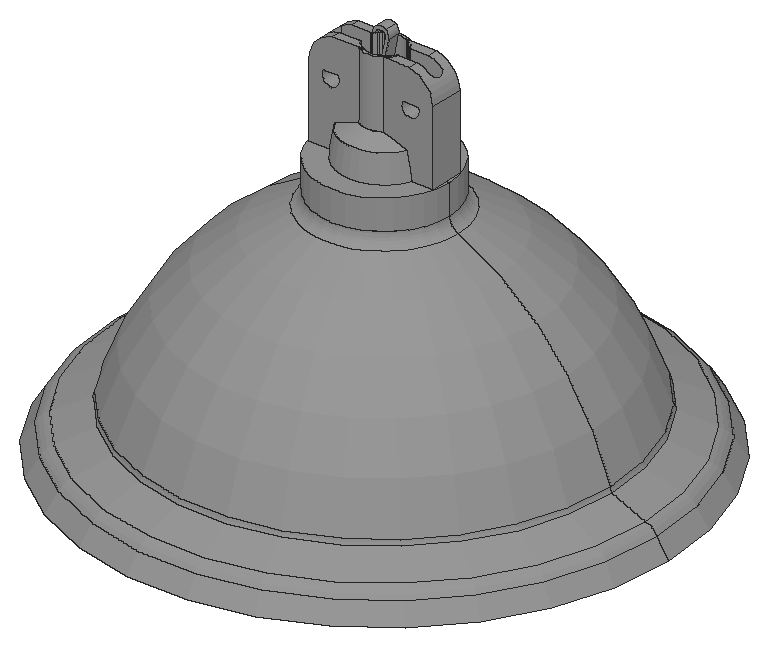
Revit family "ML2000-CA_4RF", category Lighting Fixtures, Revit 2017
Family settings
  Round Connector Dimension = Use Diameter
  Part Type = Normal
  OmniClass Number = 23.80.70.00
  OmniClass Title = Lighting
  Work Plane-Based = Yes
  Always vertical = Yes
  Cut with Voids When Loaded = No
  Light Source = Yes
  Shared = No
  Room Calculation Point = No
Parameters
  fixture = fixture
  Wattage = 9.2903 W
  built-in parameter 1150110 = 1 (stored number, unit not read)
  built-in parameter 1114217 = 1 (stored number, unit not read)
  built-in parameter 1150109 = 1 (stored number, unit not read)
  built-in parameter 1150134 = 3
  built-in parameter 1150113 = 1 (stored number, unit not read)
  built-in parameter 1150105 = 109.82 (stored number, unit not read)
  Lumens = 1380 lm
  built-in parameter 1150115 = 1 (stored number, unit not read)
  Light Source Symbol Size = 24.000"
  built-in parameter 1150137 = (empty or 0)
  built-in parameter 1150139 = (empty or 0)
  built-in parameter 1150112 = 1 (stored number, unit not read)
  built-in parameter 1150114 = 1 (stored number, unit not read)
  built-in parameter 1150132 = (empty or 0)
  built-in parameter 1150102 = (empty or 0)
  built-in parameter 1150107 = 3200 (stored number, unit not read)
  built-in parameter 1150138 = (empty or 0)
  built-in parameter 1150106 = 1.0982 (stored number, unit not read)
  Fixture cap = fixture cap
  Emit from Line Length = 24.000"
  built-in parameter 1150104 = 13.8 (stored number, unit not read)
  Dimming Lamp Color Temperature Shift = <None>
  Default Elevation = 48.000"
  Color Filter = 16777215
  Bulb = Glass
  built-in parameter 1114218 = 1 (stored number, unit not read)
  built-in parameter 1150133 = 10 (stored number, unit not read)
Reference planes (in)
  plane 1 "Light Source Axis (F/B)": y = 0
  plane 2: z = 0
  plane 3 "Light Source Axis (L/R)": x = 0
  plane 4 "Light Source Elevation": z = 54
  plane 5: z = 4.43
  plane 6: z = 0.8
  plane 7: z = 0.36
  plane 8: z = 0.36
Forms (in)
  Revolve 1, solid, material "fixture" <- "fixture"
    sketch origin (0, 0, 2.24225) x (1, 0, 0) y (0, 0, 1)
      loop
        line (0, 1.27453) -> (0.22, 1.27453) -> (0.22, 1.98615) -> (0, 1.98615) -> (0, 1.27453)
      axis (0, 1.98615) -> (0, 1.27453)
    angle from 0 to 360
  Extrusion 2, solid, material "fixture" <- "fixture"
    sketch origin (0, -0.05736, 2.24225) x (1, 0, 0) y (0, 0, 1)
      loop
        line (0, 0.90775) -> (0.66, 0.90775) -> (0.66, 1.98615) -> (0, 1.98615) -> (-0.66, 1.98615) -> (-0.66, 0.90775) -> (0, 0.90775)
    from -0.23545 to 0.11965
  Extrusion 3, void
    sketch origin (0, 0, 2.24225) x (1, 0, 0) y (0, 0, 1)
      loop
        arc (-0.66, 1.6939) -> (-0.58698, 1.88163) -> (-0.41477, 1.98615) r 0.31341
        line (-0.41477, 1.98615) -> (-0.66, 1.98615) -> (-0.66, 1.6939)
      loop
        line (0.66, 1.6939) -> (0.66, 1.98615) -> (0.41477, 1.98615)
        arc (0.41477, 1.98615) -> (0.58698, 1.88163) -> (0.66, 1.6939) r 0.31341
    from -0.17809 to 0.17701
  Blend 4, solid, material "fixture" <- "fixture"
    base sketch origin (0, 0, 2.24225) x (1, 0, 0) y (0, 1, 0)
      loop
        circle (0, 0) r 0.57599
    top sketch origin (0, 0, 2.24225) x (1, 0, 0) y (0, 1, 0)
      loop
        circle (0, 0) r 0.42
    from 0.22781 to 1.18597
  Blend 5, solid, material "fixture cap" <- "Fixture cap"
    base sketch origin (0, 0, 2.24225) x (1, 0, 0) y (0, 1, 0)
      loop
        circle (0, 0) r 0.42
    top sketch origin (0, 0, 2.24225) x (1, 0, 0) y (0, 1, 0)
      loop
        circle (0, 0) r 0.22
    from 1.18597 to 1.27148
  Extrusion 6, void
    sketch origin (0.00808, 0, 2.49225) x (1, 0, 0) y (0, 1, 0)
      loop
        arc (-0.54002, 0.08041) -> (-0.58407, 0) -> (-0.54002, -0.08041) r 0.09541
        line (-0.54002, -0.08041) -> (-0.19879, -0.08041)
        arc (-0.19879, -0.08041) -> (-0.00676, -0.19306) -> (0.18528, -0.08041) r 0.22
        line (0.18528, -0.08041) -> (0.54002, -0.08041)
        arc (0.54002, -0.08041) -> (0.58407, 0) -> (0.54002, 0.08041) r 0.09541
        line (0.54002, 0.08041) -> (0.18542, 0.08041)
        arc (0.18542, 0.08041) -> (-0.00739, 0.19447) -> (-0.2002, 0.08041) r 0.22
        line (-0.2002, 0.08041) -> (-0.54002, 0.08041)
    from 1.43764 to 1.77364
  Extrusion 7, void
    sketch origin (0, 0, 2.3985) x (1, 0, 0) y (0, 0, 1)
      loop
        arc (-0.50265, 1.4876) -> (-0.42478, 1.34712) -> (-0.3469, 1.4876) r 0.09183
        line (-0.3469, 1.4876) -> (-0.50265, 1.4876)
      loop
        line (0.50265, 1.4876) -> (0.3469, 1.4876)
        arc (0.3469, 1.4876) -> (0.42478, 1.34712) -> (0.50265, 1.4876) r 0.09183
    from -0.22339 to 0.22501
  Extrusion 8, solid, material "fixture" <- "fixture"
    sketch origin (0.02418, 0, 2.24225) x (1, 0, 0) y (0, 0, 1)
      loop
        line (0, 1.75249) -> (0.07144, 2.08859)
        arc (0.07144, 2.08859) -> (0.07084, 2.13644) -> (0.04166, 2.17437) r 0.07572
        arc (0.04166, 2.17437) -> (-0.04461, 2.18107) -> (-0.0946, 2.11045) r 0.08766
        line (-0.0946, 2.11045) -> (-0.06286, 2.11045)
        arc (-0.06286, 2.11045) -> (-0.02979, 2.15321) -> (0.02404, 2.14827) r 0.05617
        arc (0.02404, 2.14827) -> (0.0413, 2.12547) -> (0.041, 2.09688) r 0.04422
        line (0.041, 2.09688) -> (-0.0322, 1.75249) -> (0, 1.75249)
    from -0.06472 to 0.06534
  Extrusion 9, solid, material "fixture" <- "fixture"
    sketch origin (0.00808, 0, 2.49225) x (1, 0, 0) y (0, 1, 0)
      loop
        line (-0.03443, 0) -> (-0.03443, -0.08951)
        arc (-0.03443, -0.08951) -> (-0.02214, -0.11039) -> (0, -0.12025) r 0.03974
        arc (0, -0.12025) -> (0.02214, -0.11039) -> (0.03443, -0.08951) r 0.03974
        line (0.03443, -0.08951) -> (0.03443, 0) -> (0.03443, 0.08951)
        arc (0.03443, 0.08951) -> (0.02214, 0.11039) -> (0, 0.12025) r 0.03974
        arc (0, 0.12025) -> (-0.02214, 0.11039) -> (-0.03443, 0.08951) r 0.03974
        line (-0.03443, 0.08951) -> (-0.03443, 0)
    from 1.43764 to 1.50249
  Revolve 10, solid, material "fixture" <- "fixture"
    sketch origin (0, 0, 0) x (1, 0, 0) y (0, 0, 1)
      loop
        line (0, 2.47006) -> (0, 1.78225) -> (0.66857, 1.78225) -> (0.36234, 2.47006) -> (0, 2.47006)
      axis (0, 2.47006) -> (0, 1.78225)
    angle from 0 to 360
  Revolve 11, solid, material "Glass" <- "Bulb"
    sketch origin (0, 0, 0) x (1, 0, 0) y (0, 0, 1)
      loop
        line (0, 1.78225) -> (-0.66857, 1.78225)
        arc (-0.66857, 1.78225) -> (-0.99425, 0.64356) -> (0, 0) r 0.995
        line (0, 0) -> (0, 1.78225)
      axis (0, 1.78225) -> (0, 0)
    angle from 0 to 360
  Revolve 12, solid, material "fixture cap" <- "Fixture cap"
    sketch origin (0, 0, 0) x (1, 0, 0) y (0, 0, 1)
      loop
        line (0, 3.15) -> (0, 3.05) -> (0.59378, 3.05) -> (0.59378, 2.83041)
        arc (0.59378, 2.83041) -> (0.63438, 2.69317) -> (0.74312, 2.60011) r 0.25225
        arc (0.74312, 2.60011) -> (1.70348, 1.8701) -> (2.31098, 0.82791) r 3.08874
        arc (2.31098, 0.82791) -> (2.34312, 0.76229) -> (2.3904, 0.70658) r 0.29499
        line (2.3904, 0.70658) -> (2.75012, 0.55761)
        arc (2.75012, 0.55761) -> (2.79049, 0.53277) -> (2.8211, 0.49657) r 0.14989
        line (2.8211, 0.49657) -> (2.91048, 0.36) -> (3.03, 0.36) -> (2.90564, 0.55)
        arc (2.90564, 0.55) -> (2.85491, 0.60927) -> (2.78838, 0.65) r 0.24989
        line (2.78838, 0.65) -> (2.42618, 0.8)
        arc (2.42618, 0.8) -> (2.41489, 0.82598) -> (2.40794, 0.85344) r 0.17464
        arc (2.40794, 0.85344) -> (1.79509, 1.94841) -> (0.78392, 2.69141) r 2.96215
        arc (0.78392, 2.69141) -> (0.71829, 2.74758) -> (0.69378, 2.83041) r 0.15225
        line (0.69378, 2.83041) -> (0.69378, 3.15) -> (0, 3.15)
      axis (0, 3.15) -> (0, 0.36)
    angle from 0 to 360
Cuts and joins
  Extrusion 3, Extrusion 6, Extrusion 7 cuts Extrusion 2
  Extrusion 6 cuts Revolve 1
Dimensions and locks (in)
  plane 5 to plane 7 = 4.070"
  plane 6 to plane 7 = 0.440"
  plane 5 to Revolve 12 = 4.070"
  plane 5 to plane 8 = 4.070"
  aligned and locked: level to plane 2
  aligned and locked: Extrusion 3 to Extrusion 2
  aligned and locked: Extrusion 2 to Extrusion 3
  aligned and locked: Blend 5 to Blend 4
  aligned and locked: Extrusion 9 to Extrusion 8
  aligned and locked: Blend 4 to Revolve 10
